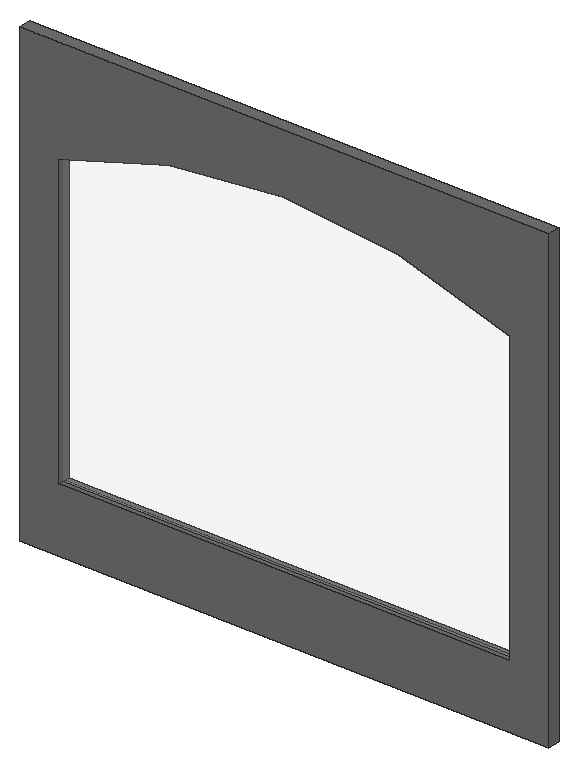
Revit family
Parameters
  offset [instance] = 0' - 0"
  Warranty Duration (Years) = 0
  Unit Width = 3' - 5"
  Unit Height = 2' - 11 3/4"
  Unit Depth = 0' - 1"
  URL = "http://www.travisindustries.com/"
  Specification = "http://www.arcat.com/sdspecs/htm/10305tra.htm"
  SpecWizard = "http://www.arcat.com/specwizard/10305tra/index.htm?mf=&coid=32505"
  Send Message = "http://www.arcat.com/users.pl?action=UserEmail&company=Travis%20Industries&coid=32505&rep=133&fax=425-609-2781&mf="
  Sales Information = "http://www.travisbuilder.com/Dealer_Locator.aspx"
  Revision = "R1_01-2011"
  Product Properties = "http://www.arcat.com/bim/bim_info.pl?fn=Travis"
  Product Data = "http://www.arcat.com/arcatcos/cos32/arc32505.html"
  Model = "As Specified in 10 31 00"
  Material [instance] = Metal - Steel - Travis - Painted - Charcoal
  Manufacturer Website = "http://www.travisindustries.com/"
  Manufacturer Phone - Toll Free = "800-654-1177 "
  Manufacturer Phone = "425-609-2500 "
  Manufacturer Fax = "425-609-2781"
  Manufacturer Address = "4800 Harbour Pointe Blvd. S. W., Mukilteo, WA 98275"
  Manufacturer = "Travis Industries"
  Maintenance Schedule (Months) = 0
  Keynote = "10 31 00"
  Installation-Fabrication = "http://www.travisindustries.com/"
  Installation Phase = ""
  Green Building-LEED = "http://www.arcat.com/green/clients/leed_data_32505.html"
  Glass Type [instance] = Glass - Clear - Travis
  Expected Lifespan (Years) = 0
  Drawn By = "Sumex Design, Inc. / Robert S. Weygant, CSI, CDT, SCIP"
  Description = "Fireplace as Specified in 10 31 00"
  Copyright = "©Arcat Inc."
  Construction Details = "http://www.arcat.com/details/travisin/travisin.html?coid=32505"
  BTU Input = 0
  Assembly Code = "D3020"
Reference planes (in)
  plane 1 "Center (Front/Back)": y = 0.98108
  plane 2 "Bottom": z = 0
  plane 3 "Center (Left/Right)": x = 12
  plane 4 "Front": y = -0.01892
  plane 5 "Left": x = -8.5
  plane 6 "Right": x = 32.5
  plane 7 "Top": z = 35.75
  plane 8: z = 31.75
Forms (in)
  Extrusion 1, solid, material "Metal - Steel - Travis - Painted - Charcoal" <- "Material"
    sketch origin (0, 0.98108, 0) x (1, 0, 0) y (0, 0, 1)
      loop
        line (-8.5, 35.75) -> (-8.5, 0) -> (32.5, 0) -> (32.5, 35.75) -> (-8.5, 35.75)
      loop
        line (-5.5, 27.61932) -> (-5.5, 5) -> (29.5, 5) -> (29.5, 27.61932)
        arc (29.5, 27.61932) -> (12, 31.11016) -> (-5.5, 27.61932) r 45.61016
    from 0 to 1
  Extrusion 2, solid, material "Glass - Clear - Travis" <- "Glass Type"
    sketch origin (0, -0.01892, 0) x (-1, 0, 0) y (0, 0, 1)
      loop
        arc (5.5, 27.61932) -> (-12, 31.11016) -> (-29.5, 27.61932) r 45.61016
        line (-29.5, 27.61932) -> (-29.5, 5) -> (5.5, 5) -> (5.5, 27.61932)
    from 0.375 to 0.625
Lines and regions (in)
  model lines, style "Fireplaces"
    curve 1: line (-6, -0.01892, 0.5) -> (-6, -0.01892, 35.25)
    curve 2: line (-6, -0.01892, 31.75) -> (30, -0.01892, 31.75)
    curve 3: line (30, -0.01892, 35.25) -> (30, -0.01892, 0.5)
    curve 4: line (-6, -0.01892, 4.5) -> (30, -0.01892, 4.5)
    curve 5: line (32.5, -0.01892, 0.5) -> (-8.5, -0.01892, 0.5)
    curve 6: line (-8.5, -0.01892, 35.25) -> (32.5, -0.01892, 35.25)
  model lines, style "Fireplaces", detail levels medium+fine
    curve 7: line (9.80764, -0.01892, 3.42628) -> (10.55613, -0.01892, 1.57372)
    curve 8: line (10.55613, -0.01892, 3.42628) -> (9.80764, -0.01892, 1.57372)
    curve 9: arc (9.34405, -0.01892, 3.42628) -> (9.57584, -0.01892, 3.58263) -> (9.80764, -0.01892, 3.42628) r 0.25
    curve 10: arc (9.34405, -0.01892, 1.57372) -> (9.57584, -0.01892, 1.41737) -> (9.80764, -0.01892, 1.57372) r 0.25
    curve 11: line (11.01972, -0.01892, 3.42628) -> (11.7682, -0.01892, 1.57372)
    curve 12: line (11.7682, -0.01892, 3.42628) -> (11.01972, -0.01892, 1.57372)
    curve 13: arc (11.7682, -0.01892, 3.42628) -> (12, -0.01892, 3.58263) -> (12.2318, -0.01892, 3.42628) r 0.25
    curve 14: arc (11.7682, -0.01892, 1.57372) -> (12, -0.01892, 1.41737) -> (12.2318, -0.01892, 1.57372) r 0.25
    curve 15: arc (10.55613, -0.01892, 3.42628) -> (10.78792, -0.01892, 3.58263) -> (11.01972, -0.01892, 3.42628) r 0.25
    curve 16: arc (10.55613, -0.01892, 1.57372) -> (10.78792, -0.01892, 1.41737) -> (11.01972, -0.01892, 1.57372) r 0.25
    curve 17: line (7.38348, -0.01892, 3.42628) -> (8.13197, -0.01892, 1.57372)
    curve 18: line (8.13197, -0.01892, 3.42628) -> (7.38348, -0.01892, 1.57372)
    curve 19: arc (6.91989, -0.01892, 3.42628) -> (7.15169, -0.01892, 3.58263) -> (7.38348, -0.01892, 3.42628) r 0.25
    curve 20: arc (6.91989, -0.01892, 1.57372) -> (7.15169, -0.01892, 1.41737) -> (7.38348, -0.01892, 1.57372) r 0.25
    curve 21: line (8.59556, -0.01892, 3.42628) -> (9.34405, -0.01892, 1.57372)
    curve 22: line (9.34405, -0.01892, 3.42628) -> (8.59556, -0.01892, 1.57372)
    curve 23: arc (8.13197, -0.01892, 3.42628) -> (8.36376, -0.01892, 3.58263) -> (8.59556, -0.01892, 3.42628) r 0.25
    curve 24: arc (8.13197, -0.01892, 1.57372) -> (8.36376, -0.01892, 1.41737) -> (8.59556, -0.01892, 1.57372) r 0.25
    curve 25: line (4.95932, -0.01892, 3.42628) -> (5.70781, -0.01892, 1.57372)
    curve 26: line (5.70781, -0.01892, 3.42628) -> (4.95932, -0.01892, 1.57372)
    curve 27: arc (4.49573, -0.01892, 3.42628) -> (4.72753, -0.01892, 3.58263) -> (4.95932, -0.01892, 3.42628) r 0.25
    curve 28: arc (4.49573, -0.01892, 1.57372) -> (4.72753, -0.01892, 1.41737) -> (4.95932, -0.01892, 1.57372) r 0.25
    curve 29: line (6.1714, -0.01892, 3.42628) -> (6.91989, -0.01892, 1.57372)
    curve 30: line (6.91989, -0.01892, 3.42628) -> (6.1714, -0.01892, 1.57372)
    curve 31: arc (5.70781, -0.01892, 3.42628) -> (5.93961, -0.01892, 3.58263) -> (6.1714, -0.01892, 3.42628) r 0.25
    curve 32: arc (5.70781, -0.01892, 1.57372) -> (5.93961, -0.01892, 1.41737) -> (6.1714, -0.01892, 1.57372) r 0.25
    curve 33: line (2.53517, -0.01892, 3.42628) -> (3.28365, -0.01892, 1.57372)
    curve 34: line (3.28365, -0.01892, 3.42628) -> (2.53517, -0.01892, 1.57372)
    curve 35: arc (2.07157, -0.01892, 3.42628) -> (2.30337, -0.01892, 3.58263) -> (2.53517, -0.01892, 3.42628) r 0.25
    curve 36: arc (2.07157, -0.01892, 1.57372) -> (2.30337, -0.01892, 1.41737) -> (2.53517, -0.01892, 1.57372) r 0.25
    curve 37: line (3.74725, -0.01892, 3.42628) -> (4.49573, -0.01892, 1.57372)
    curve 38: line (4.49573, -0.01892, 3.42628) -> (3.74725, -0.01892, 1.57372)
    curve 39: arc (3.28365, -0.01892, 3.42628) -> (3.51545, -0.01892, 3.58263) -> (3.74725, -0.01892, 3.42628) r 0.25
    curve 40: arc (3.28365, -0.01892, 1.57372) -> (3.51545, -0.01892, 1.41737) -> (3.74725, -0.01892, 1.57372) r 0.25
    curve 41: line (0.11101, -0.01892, 3.42628) -> (0.8595, -0.01892, 1.57372)
    curve 42: line (0.8595, -0.01892, 3.42628) -> (0.11101, -0.01892, 1.57372)
    curve 43: arc (-0.35258, -0.01892, 3.42628) -> (-0.12079, -0.01892, 3.58263) -> (0.11101, -0.01892, 3.42628) r 0.25
    curve 44: arc (-0.35258, -0.01892, 1.57372) -> (-0.12079, -0.01892, 1.41737) -> (0.11101, -0.01892, 1.57372) r 0.25
    curve 45: line (1.32309, -0.01892, 3.42628) -> (2.07157, -0.01892, 1.57372)
    curve 46: line (2.07157, -0.01892, 3.42628) -> (1.32309, -0.01892, 1.57372)
    curve 47: arc (0.8595, -0.01892, 3.42628) -> (1.09129, -0.01892, 3.58263) -> (1.32309, -0.01892, 3.42628) r 0.25
    curve 48: arc (0.8595, -0.01892, 1.57372) -> (1.09129, -0.01892, 1.41737) -> (1.32309, -0.01892, 1.57372) r 0.25
    curve 49: line (-2.31315, -0.01892, 3.42628) -> (-1.56466, -0.01892, 1.57372)
    curve 50: line (-1.56466, -0.01892, 3.42628) -> (-2.31315, -0.01892, 1.57372)
    curve 51: line (-1.10107, -0.01892, 3.42628) -> (-0.35258, -0.01892, 1.57372)
    curve 52: line (-0.35258, -0.01892, 3.42628) -> (-1.10107, -0.01892, 1.57372)
    curve 53: arc (-1.56466, -0.01892, 3.42628) -> (-1.33287, -0.01892, 3.58263) -> (-1.10107, -0.01892, 3.42628) r 0.25
    curve 54: arc (-1.56466, -0.01892, 1.57372) -> (-1.33287, -0.01892, 1.41737) -> (-1.10107, -0.01892, 1.57372) r 0.25
    curve 55: line (14.19236, -0.01892, 3.42628) -> (13.44387, -0.01892, 1.57372)
    curve 56: line (13.44387, -0.01892, 3.42628) -> (14.19236, -0.01892, 1.57372)
    curve 57: arc (14.65595, -0.01892, 3.42628) -> (14.42416, -0.01892, 3.58263) -> (14.19236, -0.01892, 3.42628) r 0.25
    curve 58: arc (14.65595, -0.01892, 1.57372) -> (14.42416, -0.01892, 1.41737) -> (14.19236, -0.01892, 1.57372) r 0.25
    curve 59: line (12.98028, -0.01892, 3.42628) -> (12.2318, -0.01892, 1.57372)
    curve 60: line (12.2318, -0.01892, 3.42628) -> (12.98028, -0.01892, 1.57372)
    curve 61: arc (13.44387, -0.01892, 3.42628) -> (13.21208, -0.01892, 3.58263) -> (12.98028, -0.01892, 3.42628) r 0.25
    curve 62: arc (13.44387, -0.01892, 1.57372) -> (13.21208, -0.01892, 1.41737) -> (12.98028, -0.01892, 1.57372) r 0.25
    curve 63: line (16.61652, -0.01892, 3.42628) -> (15.86803, -0.01892, 1.57372)
    curve 64: line (15.86803, -0.01892, 3.42628) -> (16.61652, -0.01892, 1.57372)
    curve 65: arc (17.08011, -0.01892, 3.42628) -> (16.84831, -0.01892, 3.58263) -> (16.61652, -0.01892, 3.42628) r 0.25
    curve 66: arc (17.08011, -0.01892, 1.57372) -> (16.84831, -0.01892, 1.41737) -> (16.61652, -0.01892, 1.57372) r 0.25
    curve 67: line (15.40444, -0.01892, 3.42628) -> (14.65595, -0.01892, 1.57372)
    curve 68: line (14.65595, -0.01892, 3.42628) -> (15.40444, -0.01892, 1.57372)
    curve 69: arc (15.86803, -0.01892, 3.42628) -> (15.63624, -0.01892, 3.58263) -> (15.40444, -0.01892, 3.42628) r 0.25
    curve 70: arc (15.86803, -0.01892, 1.57372) -> (15.63624, -0.01892, 1.41737) -> (15.40444, -0.01892, 1.57372) r 0.25
    curve 71: line (19.04068, -0.01892, 3.42628) -> (18.29219, -0.01892, 1.57372)
    curve 72: line (18.29219, -0.01892, 3.42628) -> (19.04068, -0.01892, 1.57372)
    curve 73: arc (19.50427, -0.01892, 3.42628) -> (19.27247, -0.01892, 3.58263) -> (19.04068, -0.01892, 3.42628) r 0.25
    curve 74: arc (19.50427, -0.01892, 1.57372) -> (19.27247, -0.01892, 1.41737) -> (19.04068, -0.01892, 1.57372) r 0.25
    curve 75: line (17.8286, -0.01892, 3.42628) -> (17.08011, -0.01892, 1.57372)
    curve 76: line (17.08011, -0.01892, 3.42628) -> (17.8286, -0.01892, 1.57372)
    curve 77: arc (18.29219, -0.01892, 3.42628) -> (18.06039, -0.01892, 3.58263) -> (17.8286, -0.01892, 3.42628) r 0.25
    curve 78: arc (18.29219, -0.01892, 1.57372) -> (18.06039, -0.01892, 1.41737) -> (17.8286, -0.01892, 1.57372) r 0.25
    curve 79: line (21.46483, -0.01892, 3.42628) -> (20.71635, -0.01892, 1.57372)
    curve 80: line (20.71635, -0.01892, 3.42628) -> (21.46483, -0.01892, 1.57372)
    curve 81: arc (21.92843, -0.01892, 3.42628) -> (21.69663, -0.01892, 3.58263) -> (21.46483, -0.01892, 3.42628) r 0.25
    curve 82: arc (21.92843, -0.01892, 1.57372) -> (21.69663, -0.01892, 1.41737) -> (21.46483, -0.01892, 1.57372) r 0.25
    curve 83: line (20.25275, -0.01892, 3.42628) -> (19.50427, -0.01892, 1.57372)
    curve 84: line (19.50427, -0.01892, 3.42628) -> (20.25275, -0.01892, 1.57372)
    curve 85: arc (20.71635, -0.01892, 3.42628) -> (20.48455, -0.01892, 3.58263) -> (20.25275, -0.01892, 3.42628) r 0.25
    curve 86: arc (20.71635, -0.01892, 1.57372) -> (20.48455, -0.01892, 1.41737) -> (20.25275, -0.01892, 1.57372) r 0.25
    curve 87: line (23.88899, -0.01892, 3.42628) -> (23.1405, -0.01892, 1.57372)
    curve 88: line (23.1405, -0.01892, 3.42628) -> (23.88899, -0.01892, 1.57372)
    curve 89: arc (24.35258, -0.01892, 3.42628) -> (24.12079, -0.01892, 3.58263) -> (23.88899, -0.01892, 3.42628) r 0.25
    curve 90: arc (24.35258, -0.01892, 1.57372) -> (24.12079, -0.01892, 1.41737) -> (23.88899, -0.01892, 1.57372) r 0.25
    curve 91: line (22.67691, -0.01892, 3.42628) -> (21.92843, -0.01892, 1.57372)
    curve 92: line (21.92843, -0.01892, 3.42628) -> (22.67691, -0.01892, 1.57372)
    curve 93: arc (23.1405, -0.01892, 3.42628) -> (22.90871, -0.01892, 3.58263) -> (22.67691, -0.01892, 3.42628) r 0.25
    curve 94: arc (23.1405, -0.01892, 1.57372) -> (22.90871, -0.01892, 1.41737) -> (22.67691, -0.01892, 1.57372) r 0.25
    curve 95: line (26.31315, -0.01892, 3.42628) -> (25.56466, -0.01892, 1.57372)
    curve 96: line (25.56466, -0.01892, 3.42628) -> (26.31315, -0.01892, 1.57372)
    curve 97: line (25.10107, -0.01892, 3.42628) -> (24.35258, -0.01892, 1.57372)
    curve 98: line (24.35258, -0.01892, 3.42628) -> (25.10107, -0.01892, 1.57372)
    curve 99: arc (25.56466, -0.01892, 3.42628) -> (25.33287, -0.01892, 3.58263) -> (25.10107, -0.01892, 3.42628) r 0.25
    curve 100: arc (25.56466, -0.01892, 1.57372) -> (25.33287, -0.01892, 1.41737) -> (25.10107, -0.01892, 1.57372) r 0.25
    curve 101: line (9.80764, -0.01892, 34.42628) -> (10.55613, -0.01892, 32.57372)
    curve 102: line (10.55613, -0.01892, 34.42628) -> (9.80764, -0.01892, 32.57372)
    curve 103: arc (9.34405, -0.01892, 34.42628) -> (9.57584, -0.01892, 34.58263) -> (9.80764, -0.01892, 34.42628) r 0.25
    curve 104: arc (9.34405, -0.01892, 32.57372) -> (9.57584, -0.01892, 32.41737) -> (9.80764, -0.01892, 32.57372) r 0.25
    curve 105: line (11.01972, -0.01892, 34.42628) -> (11.7682, -0.01892, 32.57372)
    curve 106: line (11.7682, -0.01892, 34.42628) -> (11.01972, -0.01892, 32.57372)
    curve 107: arc (11.7682, -0.01892, 34.42628) -> (12, -0.01892, 34.58263) -> (12.2318, -0.01892, 34.42628) r 0.25
    curve 108: arc (11.7682, -0.01892, 32.57372) -> (12, -0.01892, 32.41737) -> (12.2318, -0.01892, 32.57372) r 0.25
    curve 109: arc (10.55613, -0.01892, 34.42628) -> (10.78792, -0.01892, 34.58263) -> (11.01972, -0.01892, 34.42628) r 0.25
    curve 110: arc (10.55613, -0.01892, 32.57372) -> (10.78792, -0.01892, 32.41737) -> (11.01972, -0.01892, 32.57372) r 0.25
    curve 111: line (7.38348, -0.01892, 34.42628) -> (8.13197, -0.01892, 32.57372)
    curve 112: line (8.13197, -0.01892, 34.42628) -> (7.38348, -0.01892, 32.57372)
    curve 113: arc (6.91989, -0.01892, 34.42628) -> (7.15169, -0.01892, 34.58263) -> (7.38348, -0.01892, 34.42628) r 0.25
    curve 114: arc (6.91989, -0.01892, 32.57372) -> (7.15169, -0.01892, 32.41737) -> (7.38348, -0.01892, 32.57372) r 0.25
    curve 115: line (8.59556, -0.01892, 34.42628) -> (9.34405, -0.01892, 32.57372)
    curve 116: line (9.34405, -0.01892, 34.42628) -> (8.59556, -0.01892, 32.57372)
    curve 117: arc (8.13197, -0.01892, 34.42628) -> (8.36376, -0.01892, 34.58263) -> (8.59556, -0.01892, 34.42628) r 0.25
    curve 118: arc (8.13197, -0.01892, 32.57372) -> (8.36376, -0.01892, 32.41737) -> (8.59556, -0.01892, 32.57372) r 0.25
    curve 119: line (4.95932, -0.01892, 34.42628) -> (5.70781, -0.01892, 32.57372)
    curve 120: line (5.70781, -0.01892, 34.42628) -> (4.95932, -0.01892, 32.57372)
    curve 121: arc (4.49573, -0.01892, 34.42628) -> (4.72753, -0.01892, 34.58263) -> (4.95932, -0.01892, 34.42628) r 0.25
    curve 122: arc (4.49573, -0.01892, 32.57372) -> (4.72753, -0.01892, 32.41737) -> (4.95932, -0.01892, 32.57372) r 0.25
    curve 123: line (6.1714, -0.01892, 34.42628) -> (6.91989, -0.01892, 32.57372)
    curve 124: line (6.91989, -0.01892, 34.42628) -> (6.1714, -0.01892, 32.57372)
    curve 125: arc (5.70781, -0.01892, 34.42628) -> (5.93961, -0.01892, 34.58263) -> (6.1714, -0.01892, 34.42628) r 0.25
    curve 126: arc (5.70781, -0.01892, 32.57372) -> (5.93961, -0.01892, 32.41737) -> (6.1714, -0.01892, 32.57372) r 0.25
    curve 127: line (2.53517, -0.01892, 34.42628) -> (3.28365, -0.01892, 32.57372)
    curve 128: line (3.28365, -0.01892, 34.42628) -> (2.53517, -0.01892, 32.57372)
    curve 129: arc (2.07157, -0.01892, 34.42628) -> (2.30337, -0.01892, 34.58263) -> (2.53517, -0.01892, 34.42628) r 0.25
    curve 130: arc (2.07157, -0.01892, 32.57372) -> (2.30337, -0.01892, 32.41737) -> (2.53517, -0.01892, 32.57372) r 0.25
    curve 131: line (3.74725, -0.01892, 34.42628) -> (4.49573, -0.01892, 32.57372)
    curve 132: line (4.49573, -0.01892, 34.42628) -> (3.74725, -0.01892, 32.57372)
    curve 133: arc (3.28365, -0.01892, 34.42628) -> (3.51545, -0.01892, 34.58263) -> (3.74725, -0.01892, 34.42628) r 0.25
    curve 134: arc (3.28365, -0.01892, 32.57372) -> (3.51545, -0.01892, 32.41737) -> (3.74725, -0.01892, 32.57372) r 0.25
    curve 135: line (0.11101, -0.01892, 34.42628) -> (0.8595, -0.01892, 32.57372)
    curve 136: line (0.8595, -0.01892, 34.42628) -> (0.11101, -0.01892, 32.57372)
    curve 137: arc (-0.35258, -0.01892, 34.42628) -> (-0.12079, -0.01892, 34.58263) -> (0.11101, -0.01892, 34.42628) r 0.25
    curve 138: arc (-0.35258, -0.01892, 32.57372) -> (-0.12079, -0.01892, 32.41737) -> (0.11101, -0.01892, 32.57372) r 0.25
    curve 139: line (1.32309, -0.01892, 34.42628) -> (2.07157, -0.01892, 32.57372)
    curve 140: line (2.07157, -0.01892, 34.42628) -> (1.32309, -0.01892, 32.57372)
    curve 141: arc (0.8595, -0.01892, 34.42628) -> (1.09129, -0.01892, 34.58263) -> (1.32309, -0.01892, 34.42628) r 0.25
    curve 142: arc (0.8595, -0.01892, 32.57372) -> (1.09129, -0.01892, 32.41737) -> (1.32309, -0.01892, 32.57372) r 0.25
    curve 143: line (-2.31315, -0.01892, 34.42628) -> (-1.56466, -0.01892, 32.57372)
    curve 144: line (-1.56466, -0.01892, 34.42628) -> (-2.31315, -0.01892, 32.57372)
    curve 145: line (-1.10107, -0.01892, 34.42628) -> (-0.35258, -0.01892, 32.57372)
    curve 146: line (-0.35258, -0.01892, 34.42628) -> (-1.10107, -0.01892, 32.57372)
    curve 147: arc (-1.56466, -0.01892, 34.42628) -> (-1.33287, -0.01892, 34.58263) -> (-1.10107, -0.01892, 34.42628) r 0.25
    curve 148: arc (-1.56466, -0.01892, 32.57372) -> (-1.33287, -0.01892, 32.41737) -> (-1.10107, -0.01892, 32.57372) r 0.25
    curve 149: line (14.19236, -0.01892, 34.42628) -> (13.44387, -0.01892, 32.57372)
    curve 150: line (13.44387, -0.01892, 34.42628) -> (14.19236, -0.01892, 32.57372)
    curve 151: arc (14.65595, -0.01892, 34.42628) -> (14.42416, -0.01892, 34.58263) -> (14.19236, -0.01892, 34.42628) r 0.25
    curve 152: arc (14.65595, -0.01892, 32.57372) -> (14.42416, -0.01892, 32.41737) -> (14.19236, -0.01892, 32.57372) r 0.25
    curve 153: line (12.98028, -0.01892, 34.42628) -> (12.2318, -0.01892, 32.57372)
    curve 154: line (12.2318, -0.01892, 34.42628) -> (12.98028, -0.01892, 32.57372)
    curve 155: arc (13.44387, -0.01892, 34.42628) -> (13.21208, -0.01892, 34.58263) -> (12.98028, -0.01892, 34.42628) r 0.25
    curve 156: arc (13.44387, -0.01892, 32.57372) -> (13.21208, -0.01892, 32.41737) -> (12.98028, -0.01892, 32.57372) r 0.25
    curve 157: line (16.61652, -0.01892, 34.42628) -> (15.86803, -0.01892, 32.57372)
    curve 158: line (15.86803, -0.01892, 34.42628) -> (16.61652, -0.01892, 32.57372)
    curve 159: arc (17.08011, -0.01892, 34.42628) -> (16.84831, -0.01892, 34.58263) -> (16.61652, -0.01892, 34.42628) r 0.25
    curve 160: arc (17.08011, -0.01892, 32.57372) -> (16.84831, -0.01892, 32.41737) -> (16.61652, -0.01892, 32.57372) r 0.25
    curve 161: line (15.40444, -0.01892, 34.42628) -> (14.65595, -0.01892, 32.57372)
    curve 162: line (14.65595, -0.01892, 34.42628) -> (15.40444, -0.01892, 32.57372)
    curve 163: arc (15.86803, -0.01892, 34.42628) -> (15.63624, -0.01892, 34.58263) -> (15.40444, -0.01892, 34.42628) r 0.25
    curve 164: arc (15.86803, -0.01892, 32.57372) -> (15.63624, -0.01892, 32.41737) -> (15.40444, -0.01892, 32.57372) r 0.25
    curve 165: line (19.04068, -0.01892, 34.42628) -> (18.29219, -0.01892, 32.57372)
    curve 166: line (18.29219, -0.01892, 34.42628) -> (19.04068, -0.01892, 32.57372)
    curve 167: arc (19.50427, -0.01892, 34.42628) -> (19.27247, -0.01892, 34.58263) -> (19.04068, -0.01892, 34.42628) r 0.25
    curve 168: arc (19.50427, -0.01892, 32.57372) -> (19.27247, -0.01892, 32.41737) -> (19.04068, -0.01892, 32.57372) r 0.25
    curve 169: line (17.8286, -0.01892, 34.42628) -> (17.08011, -0.01892, 32.57372)
    curve 170: line (17.08011, -0.01892, 34.42628) -> (17.8286, -0.01892, 32.57372)
    curve 171: arc (18.29219, -0.01892, 34.42628) -> (18.06039, -0.01892, 34.58263) -> (17.8286, -0.01892, 34.42628) r 0.25
    curve 172: arc (18.29219, -0.01892, 32.57372) -> (18.06039, -0.01892, 32.41737) -> (17.8286, -0.01892, 32.57372) r 0.25
    curve 173: line (21.46483, -0.01892, 34.42628) -> (20.71635, -0.01892, 32.57372)
    curve 174: line (20.71635, -0.01892, 34.42628) -> (21.46483, -0.01892, 32.57372)
    curve 175: arc (21.92843, -0.01892, 34.42628) -> (21.69663, -0.01892, 34.58263) -> (21.46483, -0.01892, 34.42628) r 0.25
    curve 176: arc (21.92843, -0.01892, 32.57372) -> (21.69663, -0.01892, 32.41737) -> (21.46483, -0.01892, 32.57372) r 0.25
    curve 177: line (20.25275, -0.01892, 34.42628) -> (19.50427, -0.01892, 32.57372)
    curve 178: line (19.50427, -0.01892, 34.42628) -> (20.25275, -0.01892, 32.57372)
    curve 179: arc (20.71635, -0.01892, 34.42628) -> (20.48455, -0.01892, 34.58263) -> (20.25275, -0.01892, 34.42628) r 0.25
    curve 180: arc (20.71635, -0.01892, 32.57372) -> (20.48455, -0.01892, 32.41737) -> (20.25275, -0.01892, 32.57372) r 0.25
    curve 181: line (23.88899, -0.01892, 34.42628) -> (23.1405, -0.01892, 32.57372)
    curve 182: line (23.1405, -0.01892, 34.42628) -> (23.88899, -0.01892, 32.57372)
    curve 183: arc (24.35258, -0.01892, 34.42628) -> (24.12079, -0.01892, 34.58263) -> (23.88899, -0.01892, 34.42628) r 0.25
    curve 184: arc (24.35258, -0.01892, 32.57372) -> (24.12079, -0.01892, 32.41737) -> (23.88899, -0.01892, 32.57372) r 0.25
    curve 185: line (22.67691, -0.01892, 34.42628) -> (21.92843, -0.01892, 32.57372)
    curve 186: line (21.92843, -0.01892, 34.42628) -> (22.67691, -0.01892, 32.57372)
    curve 187: arc (23.1405, -0.01892, 34.42628) -> (22.90871, -0.01892, 34.58263) -> (22.67691, -0.01892, 34.42628) r 0.25
    curve 188: arc (23.1405, -0.01892, 32.57372) -> (22.90871, -0.01892, 32.41737) -> (22.67691, -0.01892, 32.57372) r 0.25
    curve 189: line (26.31315, -0.01892, 34.42628) -> (25.56466, -0.01892, 32.57372)
    curve 190: line (25.56466, -0.01892, 34.42628) -> (26.31315, -0.01892, 32.57372)
    curve 191: line (25.10107, -0.01892, 34.42628) -> (24.35258, -0.01892, 32.57372)
    curve 192: line (24.35258, -0.01892, 34.42628) -> (25.10107, -0.01892, 32.57372)
    curve 193: arc (25.56466, -0.01892, 34.42628) -> (25.33287, -0.01892, 34.58263) -> (25.10107, -0.01892, 34.42628) r 0.25
    curve 194: arc (25.56466, -0.01892, 32.57372) -> (25.33287, -0.01892, 32.41737) -> (25.10107, -0.01892, 32.57372) r 0.25
    curve 195: arc (26.77674, -0.01892, 3.42628) -> (26.54494, -0.01892, 3.58263) -> (26.31315, -0.01892, 3.42628) r 0.25
    curve 196: arc (26.77674, -0.01892, 1.57372) -> (26.54494, -0.01892, 1.41737) -> (26.31315, -0.01892, 1.57372) r 0.25
    curve 197: line (28.73731, -0.01892, 3.42628) -> (27.98882, -0.01892, 1.57372)
    curve 198: line (27.98882, -0.01892, 3.42628) -> (28.73731, -0.01892, 1.57372)
    curve 199: line (27.52523, -0.01892, 3.42628) -> (26.77674, -0.01892, 1.57372)
    curve 200: line (26.77674, -0.01892, 3.42628) -> (27.52523, -0.01892, 1.57372)
    curve 201: arc (27.98882, -0.01892, 3.42628) -> (27.75702, -0.01892, 3.58263) -> (27.52523, -0.01892, 3.42628) r 0.25
    curve 202: arc (27.98882, -0.01892, 1.57372) -> (27.75702, -0.01892, 1.41737) -> (27.52523, -0.01892, 1.57372) r 0.25
    curve 203: arc (-2.77674, -0.01892, 3.42628) -> (-2.54494, -0.01892, 3.58263) -> (-2.31315, -0.01892, 3.42628) r 0.25
    curve 204: arc (-2.77674, -0.01892, 1.57372) -> (-2.54494, -0.01892, 1.41737) -> (-2.31315, -0.01892, 1.57372) r 0.25
    curve 205: line (-4.73731, -0.01892, 3.42628) -> (-3.98882, -0.01892, 1.57372)
    curve 206: line (-3.98882, -0.01892, 3.42628) -> (-4.73731, -0.01892, 1.57372)
    curve 207: line (-3.52523, -0.01892, 3.42628) -> (-2.77674, -0.01892, 1.57372)
    curve 208: line (-2.77674, -0.01892, 3.42628) -> (-3.52523, -0.01892, 1.57372)
    curve 209: arc (-3.98882, -0.01892, 3.42628) -> (-3.75702, -0.01892, 3.58263) -> (-3.52523, -0.01892, 3.42628) r 0.25
    curve 210: arc (-3.98882, -0.01892, 1.57372) -> (-3.75702, -0.01892, 1.41737) -> (-3.52523, -0.01892, 1.57372) r 0.25
    curve 211: arc (-2.77674, -0.01892, 34.42628) -> (-2.54494, -0.01892, 34.58263) -> (-2.31315, -0.01892, 34.42628) r 0.25
    curve 212: arc (-2.77674, -0.01892, 32.57372) -> (-2.54494, -0.01892, 32.41737) -> (-2.31315, -0.01892, 32.57372) r 0.25
    curve 213: line (-4.73731, -0.01892, 34.42628) -> (-3.98882, -0.01892, 32.57372)
    curve 214: line (-3.98882, -0.01892, 34.42628) -> (-4.73731, -0.01892, 32.57372)
    curve 215: line (-3.52523, -0.01892, 34.42628) -> (-2.77674, -0.01892, 32.57372)
    curve 216: line (-2.77674, -0.01892, 34.42628) -> (-3.52523, -0.01892, 32.57372)
    curve 217: arc (-3.98882, -0.01892, 34.42628) -> (-3.75702, -0.01892, 34.58263) -> (-3.52523, -0.01892, 34.42628) r 0.25
    curve 218: arc (-3.98882, -0.01892, 32.57372) -> (-3.75702, -0.01892, 32.41737) -> (-3.52523, -0.01892, 32.57372) r 0.25
    curve 219: arc (26.77674, -0.01892, 34.42628) -> (26.54494, -0.01892, 34.58263) -> (26.31315, -0.01892, 34.42628) r 0.25
    curve 220: arc (26.77674, -0.01892, 32.57372) -> (26.54494, -0.01892, 32.41737) -> (26.31315, -0.01892, 32.57372) r 0.25
    curve 221: line (28.73731, -0.01892, 34.42628) -> (27.98882, -0.01892, 32.57372)
    curve 222: line (27.98882, -0.01892, 34.42628) -> (28.73731, -0.01892, 32.57372)
    curve 223: line (27.52523, -0.01892, 34.42628) -> (26.77674, -0.01892, 32.57372)
    curve 224: line (26.77674, -0.01892, 34.42628) -> (27.52523, -0.01892, 32.57372)
    curve 225: arc (27.98882, -0.01892, 34.42628) -> (27.75702, -0.01892, 34.58263) -> (27.52523, -0.01892, 34.42628) r 0.25
    curve 226: arc (27.98882, -0.01892, 32.57372) -> (27.75702, -0.01892, 32.41737) -> (27.52523, -0.01892, 32.57372) r 0.25
Dimensions and locks (in)
  equal spacing: plane 5 "Left", plane 3 "Center (Left/Right)", plane 6 "Right"
  "Unit Width": plane 5 "Left" to plane 6 "Right"
  "Unit Depth": plane 1 "Center (Front/Back)" to plane 4 "Front"
  "Unit Height": plane 7 "Top" to level
  plane 7 "Top" to plane 8 = 0' - 4"
  aligned and locked: Extrusion 1 to plane 4 "Front"
Automatic sketch dimensions
  plane 5 "Left" to Extrusion 2 sketch curve = 0' - 3"
  Extrusion 2 sketch curve to plane 8 = 0' - 4.13068"
  Extrusion 2 sketch curve to plane 3 "Center (Left/Right)" = 0' - 0"
  Extrusion 2 sketch curve to level = 1' - 2 1/2"
  Extrusion 2 sketch curve to plane 6 "Right" = 0' - 3"
  level to Extrusion 2 sketch curve = 0' - 5"
  Extrusion 1 sketch curve to level = 0' - 0"
  Extrusion 1 sketch curve to plane 5 "Left" = 0' - 0"
  Extrusion 1 sketch curve to plane 3 "Center (Left/Right)" = 0' - 0"
  Extrusion 1 sketch curve to plane 6 "Right" = 0' - 0"
  Extrusion 1 sketch curve to plane 7 "Top" = 0' - 0"
  plane 5 "Left" to Extrusion 1 sketch curve = 0' - 3"
  Extrusion 1 sketch curve to plane 6 "Right" = 0' - 3"
  Extrusion 1 sketch curve to level = 1' - 2 1/2"
  level to Extrusion 1 sketch curve = 0' - 5"
  Extrusion 1 sketch curve to plane 8 = 0' - 4.13068"
  curve 5 to plane 6 "Right" = 0' - 0"
  curve 6 to plane 6 "Right" = 0' - 0"
  curve 2 to plane 8 = 0' - 0"
  curve 108 to plane 3 "Center (Left/Right)" = 0' - 0"
  curve 107 to plane 3 "Center (Left/Right)" = 0' - 0"
  curve 13 to plane 3 "Center (Left/Right)" = 0' - 0"
  curve 14 to plane 3 "Center (Left/Right)" = 0' - 0"
  curve 5 to plane 5 "Left" = 0' - 0"
  curve 6 to plane 5 "Left" = 0' - 0"
  curve 4 to plane 6 "Right" = 0' - 2 1/2"
  curve 221 to plane 7 "Top" = 0' - 1.32372"
  curve 3 to curve 221 = 0' - 1.26269"
  curve 4 to curve 197 = 0' - 1.26269"
  plane 8 to curve 222 = 0' - 0.82372"
  curve 2 to curve 222 = 0' - 1.26269"
  level to curve 198 = 0' - 1.57372"
  curve 3 to curve 198 = 0' - 1.26269"
  curve 198 to curve 202 = 0' - 0.74849"
  curve 221 to curve 225 = 0' - 0.74849"
  curve 197 to curve 198 = 0' - 0.74849"
  curve 222 to curve 226 = 0' - 0.74849"
  curve 225 to curve 225 = 0' - 0.2318"  (x2)
  curve 202 to curve 202 = 0' - 0.2318"  (x2)
  curve 198 to curve 201 = 0' - 0.2318"
  curve 221 to curve 226 = 0' - 0.2318"
  plane 8 to curve 224 = 0' - 0.82372"
  curve 226 to curve 224 = 0' - 0.2318"
  curve 201 to curve 201 = 0' - 0.2318"
  curve 199 to curve 200 = 0' - 0.74849"
  level to curve 199 = 0' - 1.57372"
  curve 202 to curve 199 = 0' - 0.74849"
  curve 224 to plane 7 "Top" = 0' - 1.32372"
  curve 225 to curve 224 = 0' - 0.74849"
  plane 8 to curve 223 = 0' - 0.82372"
  curve 226 to curve 223 = 0' - 0.74849"
  curve 199 to curve 196 = 0' - 0.2318"
  curve 219 to curve 219 = 0' - 0.2318"  (x2)
  curve 195 to curve 195 = 0' - 0.2318"
  curve 223 to curve 220 = 0' - 0.2318"
  plane 8 to curve 190 = 0' - 0.82372"
  level to curve 95 = 0' - 3.42628"
  curve 195 to curve 95 = 0' - 0.2318"
  curve 196 to curve 196 = 0' - 0.2318"
  curve 190 to plane 7 "Top" = 0' - 1.32372"
  curve 189 to curve 190 = 0' - 0.74849"
  plane 8 to curve 189 = 0' - 0.82372"
  curve 190 to curve 189 = 0' - 0.74849"
  curve 96 to curve 100 = 0' - 0.74849"
  curve 195 to curve 99 = 0' - 0.74849"
  curve 99 to curve 99 = 0' - 0.2318"  (x2)
  curve 189 to curve 194 = 0' - 0.2318"
  curve 100 to curve 100 = 0' - 0.2318"  (x2)
  curve 193 to curve 193 = 0' - 0.2318"  (x2)
  plane 8 to curve 192 = 0' - 0.82372"
  curve 194 to curve 184 = 0' - 0.74849"
  level to curve 98 = 0' - 3.42628"
  curve 97 to curve 98 = 0' - 0.74849"
  curve 100 to curve 90 = 0' - 0.74849"
  curve 192 to plane 7 "Top" = 0' - 1.32372"
  curve 191 to curve 192 = 0' - 0.74849"
  curve 184 to curve 184 = 0' - 0.2318"
  curve 183 to curve 183 = 0' - 0.2318"  (x2)
  curve 97 to curve 90 = 0' - 0.2318"
  curve 89 to curve 89 = 0' - 0.2318"  (x2)
  curve 90 to curve 90 = 0' - 0.2318"
  plane 8 to curve 182 = 0' - 0.82372"
  curve 184 to curve 182 = 0' - 0.2318"
  curve 182 to curve 188 = 0' - 0.74849"
  curve 89 to curve 93 = 0' - 0.74849"
  curve 182 to plane 7 "Top" = 0' - 1.32372"
  curve 181 to curve 182 = 0' - 0.74849"
  curve 88 to curve 94 = 0' - 0.74849"
  curve 188 to curve 188 = 0' - 0.2318"  (x2)
  curve 93 to curve 93 = 0' - 0.2318"  (x2)
  curve 182 to curve 187 = 0' - 0.2318"
  curve 94 to curve 94 = 0' - 0.2318"
  level to curve 92 = 0' - 1.57372"
  curve 94 to curve 92 = 0' - 0.2318"
  curve 187 to curve 187 = 0' - 0.2318"
  level to curve 91 = 0' - 1.57372"
  curve 92 to curve 91 = 0' - 0.74849"
  level to curve 92 = 0' - 3.42628"
  curve 93 to curve 92 = 0' - 0.74849"
  curve 188 to curve 176 = 0' - 0.74849"
  curve 185 to curve 175 = 0' - 0.74849"
  curve 81 to curve 81 = 0' - 0.2318"
  curve 82 to curve 82 = 0' - 0.2318"
  curve 175 to curve 175 = 0' - 0.2318"  (x2)
  curve 176 to curve 176 = 0' - 0.2318"  (x2)
  level to curve 80 = 0' - 1.57372"
  level to curve 79 = 0' - 3.42628"
  curve 174 to curve 180 = 0' - 0.74849"
  curve 81 to curve 85 = 0' - 0.74849"
  curve 174 to plane 7 "Top" = 0' - 1.32372"
  curve 173 to curve 174 = 0' - 0.74849"
  curve 82 to curve 86 = 0' - 0.74849"
  curve 86 to curve 86 = 0' - 0.2318"
  curve 80 to curve 85 = 0' - 0.2318"
  curve 173 to curve 180 = 0' - 0.2318"
  curve 174 to curve 179 = 0' - 0.2318"
  curve 179 to curve 179 = 0' - 0.2318"
  level to curve 84 = 0' - 1.57372"
  curve 86 to curve 84 = 0' - 0.2318"
  curve 180 to curve 180 = 0' - 0.2318"
  curve 85 to curve 85 = 0' - 0.2318"
  level to curve 83 = 0' - 1.57372"
  curve 86 to curve 83 = 0' - 0.74849"
  curve 83 to curve 73 = 0' - 0.74849"
  curve 180 to curve 168 = 0' - 0.74849"
  curve 178 to plane 7 "Top" = 0' - 1.32372"
  curve 177 to curve 178 = 0' - 0.74849"
  curve 177 to curve 168 = 0' - 0.2318"
  curve 73 to curve 73 = 0' - 0.2318"  (x2)
  curve 83 to curve 74 = 0' - 0.2318"
  curve 167 to curve 167 = 0' - 0.2318"  (x2)
  level to curve 72 = 0' - 1.57372"
  plane 8 to curve 166 = 0' - 0.82372"
  curve 168 to curve 166 = 0' - 0.2318"
  plane 8 to curve 165 = 0' - 0.82372"
  curve 168 to curve 165 = 0' - 0.74849"
  curve 166 to plane 7 "Top" = 0' - 1.32372"
  curve 167 to curve 166 = 0' - 0.74849"
  curve 73 to curve 77 = 0' - 0.74849"
  level to curve 71 = 0' - 1.57372"
  curve 72 to curve 71 = 0' - 0.74849"
  curve 166 to curve 171 = 0' - 0.2318"
  curve 78 to curve 78 = 0' - 0.2318"  (x2)
  curve 172 to curve 172 = 0' - 0.2318"  (x2)
  curve 77 to curve 77 = 0' - 0.2318"  (x2)
  curve 169 to plane 7 "Top" = 0' - 1.32372"
  curve 75 to curve 76 = 0' - 0.74849"
  level to curve 75 = 0' - 1.57372"
  curve 78 to curve 75 = 0' - 0.74849"
  plane 8 to curve 169 = 0' - 0.82372"
  curve 170 to curve 169 = 0' - 0.74849"
  curve 169 to curve 159 = 0' - 0.74849"
  curve 170 to curve 159 = 0' - 0.2318"
  curve 75 to curve 66 = 0' - 0.2318"
  curve 169 to curve 160 = 0' - 0.2318"
  curve 65 to curve 65 = 0' - 0.2318"  (x2)
  curve 160 to curve 160 = 0' - 0.2318"
  curve 66 to curve 66 = 0' - 0.2318"
  curve 159 to curve 159 = 0' - 0.2318"
  level to curve 63 = 0' - 1.57372"
  curve 64 to curve 63 = 0' - 0.74849"
  curve 63 to curve 64 = 0' - 0.74849"
  curve 160 to curve 164 = 0' - 0.74849"
  curve 157 to curve 163 = 0' - 0.74849"
  curve 157 to curve 164 = 0' - 0.2318"
  curve 63 to curve 70 = 0' - 0.2318"
  curve 69 to curve 69 = 0' - 0.2318"  (x2)
  curve 163 to curve 163 = 0' - 0.2318"
  curve 161 to plane 7 "Top" = 0' - 1.32372"
  curve 163 to curve 161 = 0' - 0.2318"
  curve 164 to curve 164 = 0' - 0.2318"
  level to curve 68 = 0' - 1.57372"
  curve 162 to plane 7 "Top" = 0' - 1.32372"
  curve 161 to curve 162 = 0' - 0.74849"
  curve 69 to curve 68 = 0' - 0.74849"
  curve 68 to curve 67 = 0' - 0.74849"
  curve 162 to curve 152 = 0' - 0.74849"
  curve 162 to curve 151 = 0' - 0.2318"
  curve 67 to curve 58 = 0' - 0.2318"
  curve 152 to curve 152 = 0' - 0.2318"  (x2)
  curve 57 to curve 57 = 0' - 0.2318"  (x2)
  curve 151 to curve 151 = 0' - 0.2318"
  curve 58 to curve 58 = 0' - 0.2318"
  curve 151 to curve 155 = 0' - 0.74849"
  curve 55 to curve 61 = 0' - 0.74849"
  curve 58 to curve 62 = 0' - 0.74849"
  curve 150 to curve 149 = 0' - 0.74849"
  curve 150 to curve 155 = 0' - 0.2318"
  curve 55 to curve 62 = 0' - 0.2318"
  curve 61 to curve 61 = 0' - 0.2318"  (x2)
  curve 156 to curve 156 = 0' - 0.2318"  (x2)
  curve 155 to curve 153 = 0' - 0.2318"
  curve 62 to curve 62 = 0' - 0.2318"
  plane 3 "Center (Left/Right)" to curve 153 = 0' - 0.2318"
  plane 3 "Center (Left/Right)" to curve 14 = 0' - 0.2318"
  plane 3 "Center (Left/Right)" to curve 13 = 0' - 0.2318"
  plane 3 "Center (Left/Right)" to curve 107 = 0' - 0.2318"
  curve 11 to plane 3 "Center (Left/Right)" = 0' - 0.2318"
  curve 13 to plane 3 "Center (Left/Right)" = 0' - 0.2318"
  curve 105 to plane 3 "Center (Left/Right)" = 0' - 0.2318"
  curve 106 to plane 3 "Center (Left/Right)" = 0' - 0.2318"
  curve 11 to curve 16 = 0' - 0.74849"
  curve 108 to curve 106 = 0' - 0.74849"
  curve 12 to curve 15 = 0' - 0.74849"
  curve 107 to curve 109 = 0' - 0.74849"
  curve 109 to curve 109 = 0' - 0.2318"
  curve 106 to curve 110 = 0' - 0.2318"
  curve 12 to curve 16 = 0' - 0.2318"
  curve 15 to curve 15 = 0' - 0.2318"  (x2)
  curve 16 to curve 16 = 0' - 0.2318"
  curve 109 to curve 102 = 0' - 0.2318"
  curve 110 to curve 110 = 0' - 0.2318"
  curve 8 to curve 9 = 0' - 0.74849"
  curve 110 to curve 102 = 0' - 0.74849"
  curve 102 to curve 103 = 0' - 0.74849"
  curve 16 to curve 8 = 0' - 0.74849"
  curve 7 to curve 9 = 0' - 0.2318"
  curve 103 to curve 103 = 0' - 0.2318"  (x2)
  curve 104 to curve 104 = 0' - 0.2318"  (x2)
  curve 8 to curve 10 = 0' - 0.2318"
  curve 10 to curve 10 = 0' - 0.2318"
  curve 9 to curve 9 = 0' - 0.2318"
  curve 10 to curve 24 = 0' - 0.74849"
  curve 115 to plane 7 "Top" = 0' - 1.32372"
  curve 116 to curve 115 = 0' - 0.74849"
  curve 22 to curve 21 = 0' - 0.74849"
  plane 8 to curve 116 = 0' - 0.82372"
  curve 115 to curve 116 = 0' - 0.74849"
  curve 24 to curve 24 = 0' - 0.2318"  (x2)
  curve 23 to curve 23 = 0' - 0.2318"
  curve 115 to curve 117 = 0' - 0.2318"
  curve 118 to curve 118 = 0' - 0.2318"
  level to curve 18 = 0' - 3.42628"
  curve 23 to curve 18 = 0' - 0.2318"
  curve 117 to curve 117 = 0' - 0.2318"
  plane 8 to curve 111 = 0' - 0.82372"
  level to curve 18 = 0' - 1.57372"
  curve 24 to curve 18 = 0' - 0.74849"
  curve 18 to curve 19 = 0' - 0.74849"
  curve 112 to curve 113 = 0' - 0.74849"
  plane 8 to curve 112 = 0' - 0.82372"
  curve 118 to curve 112 = 0' - 0.74849"
  curve 20 to curve 20 = 0' - 0.2318"
  curve 112 to curve 114 = 0' - 0.2318"
  curve 111 to curve 113 = 0' - 0.2318"
  curve 19 to curve 19 = 0' - 0.2318"
  level to curve 30 = 0' - 3.42628"
  curve 19 to curve 30 = 0' - 0.2318"
  level to curve 29 = 0' - 1.57372"
  curve 113 to curve 113 = 0' - 0.2318"
  plane 8 to curve 123 = 0' - 0.82372"
  curve 114 to curve 126 = 0' - 0.74849"
  curve 30 to curve 29 = 0' - 0.74849"
  curve 20 to curve 32 = 0' - 0.74849"
  curve 124 to curve 125 = 0' - 0.74849"
  curve 125 to curve 125 = 0' - 0.2318"  (x2)
  curve 31 to curve 31 = 0' - 0.2318"  (x2)
  curve 124 to curve 126 = 0' - 0.2318"
  curve 32 to curve 32 = 0' - 0.2318"
  level to curve 25 = 0' - 1.57372"
  curve 32 to curve 25 = 0' - 0.2318"
  curve 126 to curve 126 = 0' - 0.2318"
  curve 119 to plane 7 "Top" = 0' - 1.32372"
  curve 120 to curve 119 = 0' - 0.74849"
  level to curve 26 = 0' - 1.57372"
  curve 32 to curve 26 = 0' - 0.74849"
  curve 126 to curve 122 = 0' - 0.74849"
  curve 26 to curve 27 = 0' - 0.74849"
  curve 120 to curve 122 = 0' - 0.2318"
  curve 27 to curve 27 = 0' - 0.2318"  (x2)
  curve 28 to curve 28 = 0' - 0.2318"
  curve 119 to curve 121 = 0' - 0.2318"
  level to curve 37 = 0' - 1.57372"
  curve 121 to curve 121 = 0' - 0.2318"
  plane 8 to curve 131 = 0' - 0.82372"
  curve 122 to curve 131 = 0' - 0.2318"
  curve 132 to curve 133 = 0' - 0.74849"
  curve 122 to curve 134 = 0' - 0.74849"
  curve 27 to curve 39 = 0' - 0.74849"
  level to curve 38 = 0' - 1.57372"
  curve 28 to curve 38 = 0' - 0.74849"
  curve 131 to curve 133 = 0' - 0.2318"
  curve 40 to curve 40 = 0' - 0.2318"  (x2)
  curve 39 to curve 39 = 0' - 0.2318"  (x2)
  curve 134 to curve 134 = 0' - 0.2318"  (x2)
  curve 128 to plane 7 "Top" = 0' - 1.32372"
  curve 133 to curve 128 = 0' - 0.2318"
  curve 40 to curve 36 = 0' - 0.74849"
  curve 128 to curve 129 = 0' - 0.74849"
  level to curve 33 = 0' - 3.42628"
  curve 34 to curve 33 = 0' - 0.74849"
  plane 8 to curve 128 = 0' - 0.82372"
  curve 134 to curve 128 = 0' - 0.74849"
  curve 128 to curve 130 = 0' - 0.2318"
  curve 33 to curve 35 = 0' - 0.2318"
  curve 36 to curve 36 = 0' - 0.2318"
  curve 127 to curve 129 = 0' - 0.2318"
  curve 140 to plane 7 "Top" = 0' - 1.32372"
  curve 129 to curve 140 = 0' - 0.2318"
  curve 130 to curve 130 = 0' - 0.2318"
  curve 35 to curve 35 = 0' - 0.2318"
  level to curve 45 = 0' - 1.57372"
  curve 36 to curve 45 = 0' - 0.2318"
  curve 46 to curve 47 = 0' - 0.74849"
  curve 130 to curve 142 = 0' - 0.74849"
  curve 139 to plane 7 "Top" = 0' - 1.32372"
  curve 140 to curve 139 = 0' - 0.74849"
  level to curve 46 = 0' - 1.57372"
  curve 36 to curve 46 = 0' - 0.74849"
  curve 48 to curve 48 = 0' - 0.2318"  (x2)
  curve 142 to curve 142 = 0' - 0.2318"  (x2)
  curve 139 to curve 141 = 0' - 0.2318"
  curve 47 to curve 47 = 0' - 0.2318"  (x2)
  curve 136 to plane 7 "Top" = 0' - 1.32372"
  plane 8 to curve 136 = 0' - 0.82372"
  curve 135 to curve 136 = 0' - 0.74849"
  curve 136 to curve 137 = 0' - 0.74849"
  level to curve 42 = 0' - 1.57372"
  curve 48 to curve 42 = 0' - 0.74849"
  curve 42 to curve 43 = 0' - 0.74849"
  curve 137 to curve 137 = 0' - 0.2318"  (x2)
  curve 44 to curve 44 = 0' - 0.2318"  (x2)
  curve 43 to curve 43 = 0' - 0.2318"
  curve 136 to curve 138 = 0' - 0.2318"
  level to curve 52 = 0' - 3.42628"
  curve 43 to curve 52 = 0' - 0.2318"
  plane 8 to curve 145 = 0' - 0.82372"
  curve 43 to curve 53 = 0' - 0.74849"
  level to curve 52 = 0' - 1.57372"
  curve 44 to curve 52 = 0' - 0.74849"
  curve 145 to plane 7 "Top" = 0' - 1.32372"
  curve 146 to curve 145 = 0' - 0.74849"
  plane 8 to curve 146 = 0' - 0.82372"
  curve 138 to curve 146 = 0' - 0.74849"
  curve 145 to curve 147 = 0' - 0.2318"
  curve 148 to curve 148 = 0' - 0.2318"  (x2)
  curve 53 to curve 53 = 0' - 0.2318"  (x2)
  curve 54 to curve 54 = 0' - 0.2318"
  curve 147 to curve 147 = 0' - 0.2318"
  level to curve 49 = 0' - 1.57372"
  plane 8 to curve 144 = 0' - 0.82372"
  curve 143 to curve 144 = 0' - 0.74849"
  curve 53 to curve 203 = 0' - 0.74849"
  level to curve 50 = 0' - 1.57372"
  curve 49 to curve 50 = 0' - 0.74849"
  curve 143 to plane 7 "Top" = 0' - 1.32372"
  curve 147 to curve 143 = 0' - 0.74849"
  curve 212 to curve 212 = 0' - 0.2318"  (x2)
  curve 143 to curve 211 = 0' - 0.2318"
  curve 204 to curve 204 = 0' - 0.2318"
  curve 49 to curve 203 = 0' - 0.2318"
  curve 211 to curve 211 = 0' - 0.2318"
  curve 203 to curve 203 = 0' - 0.2318"
  level to curve 207 = 0' - 1.57372"
  curve 208 to curve 209 = 0' - 0.74849"
  curve 204 to curve 210 = 0' - 0.74849"
  plane 8 to curve 216 = 0' - 0.82372"
  curve 212 to curve 216 = 0' - 0.74849"
  curve 216 to curve 217 = 0' - 0.74849"
  curve 217 to curve 217 = 0' - 0.2318"
  curve 216 to curve 218 = 0' - 0.2318"
  curve 209 to curve 209 = 0' - 0.2318"  (x2)
  curve 208 to curve 210 = 0' - 0.2318"
  curve 210 to curve 210 = 0' - 0.2318"
  plane 8 to curve 213 = 0' - 0.82372"
  curve 214 to plane 7 "Top" = 0' - 1.32372"
  curve 217 to curve 214 = 0' - 0.2318"
  level to curve 206 = 0' - 1.57372"
  curve 205 to curve 206 = 0' - 0.74849"
  plane 8 to curve 214 = 0' - 0.82372"
  curve 213 to curve 214 = 0' - 0.74849"
  curve 213 to plane 7 "Top" = 0' - 1.32372"
  curve 214 to curve 213 = 0' - 0.74849"
  curve 206 to curve 205 = 0' - 0.74849"
  curve 1 to plane 7 "Top" = 0' - 0 1/2"
  curve 213 to curve 1 = 0' - 1.26269"
  level to curve 5 = 0' - 0 1/2"
  curve 197 to curve 198 = 0' - 0"
  curve 67 to curve 68 = 0' - 0"
  level to curve 7 = 0' - 1.57372"
  curve 8 to curve 16 = 0' - 0"
  curve 11 to curve 12 = 0' - 0"
  curve 205 to curve 206 = 0' - 0"
  curve 62 to curve 14 = 0' - 0"
  curve 17 to curve 18 = 0' - 0"
  curve 100 to curve 96 = 0' - 0"
  curve 97 to curve 100 = 0' - 0"
  curve 24 to curve 24 = 0' - 0.09365"
  curve 41 to curve 48 = 0' - 0.09365"
  curve 199 to curve 196 = 0' - 0.09365"
  curve 44 to curve 44 = 0' - 0.09365"
  curve 84 to curve 86 = 0' - 0.09365"
  curve 200 to curve 202 = 0' - 0.09365"
  curve 80 to curve 82 = 0' - 0.09365"
  curve 40 to curve 40 = 0' - 0.09365"
  curve 66 to curve 66 = 0' - 0.09365"
  curve 21 to curve 10 = 0' - 0.09365"
  curve 207 to curve 204 = 0' - 0.09365"
  curve 97 to curve 90 = 0' - 0.09365"
  curve 11 to curve 14 = 0' - 0.09365"
  curve 45 to curve 36 = 0' - 0.09365"
  curve 7 to curve 16 = 0' - 0.09365"
  curve 49 to curve 54 = 0' - 0.09365"
  curve 55 to curve 62 = 0' - 0.09365"
  curve 25 to curve 32 = 0' - 0.09365"
  curve 94 to curve 94 = 0' - 0.09365"
  curve 83 to curve 74 = 0' - 0.09365"
  curve 76 to curve 78 = 0' - 0.09365"
  curve 37 to curve 28 = 0' - 0.09365"
  curve 208 to curve 210 = 0' - 0.09365"
  curve 29 to curve 20 = 0' - 0.09365"
  curve 98 to curve 100 = 0' - 0.09365"
  curve 56 to curve 58 = 0' - 0.09365"
  curve 68 to curve 70 = 0' - 0.09365"
  curve 99 to curve 98 = 0' - 0.09365"
  curve 28 to curve 27 = 0' - 1.66527"
  curve 23 to curve 23 = 0' - 0.09365"
  curve 78 to curve 77 = 0' - 1.66527"
  curve 58 to curve 57 = 0' - 1.66527"
  curve 61 to curve 57 = 0' - 0"
  curve 19 to curve 19 = 0' - 0.09365"
  curve 31 to curve 19 = 0' - 0.09365"
  curve 93 to curve 81 = 0' - 0.09365"
  curve 210 to curve 209 = 0' - 1.66527"
  curve 35 to curve 33 = 0' - 0.09365"
  curve 73 to curve 77 = 0' - 0"
  curve 16 to curve 15 = 0' - 1.66527"
  curve 53 to curve 43 = 0' - 0.09365"
  curve 13 to curve 15 = 0' - 0"
  curve 65 to curve 77 = 0' - 0"
  curve 39 to curve 33 = 0' - 0.09365"
  curve 89 to curve 87 = 0' - 0.09365"
  curve 81 to curve 79 = 0' - 0.09365"
  curve 203 to curve 53 = 0' - 0"
  curve 9 to curve 21 = 0' - 0.09365"
  curve 43 to curve 43 = 0' - 0.09365"
  curve 201 to curve 195 = 0' - 0.09365"
  curve 195 to curve 195 = 0' - 0.09365"
  curve 85 to curve 81 = 0' - 0.09365"
  curve 69 to curve 57 = 0' - 0"
  curve 47 to curve 41 = 0' - 0.09365"
  curve 69 to curve 69 = 0' - 0.09365"
  curve 65 to curve 65 = 0' - 0.09365"
  curve 73 to curve 71 = 0' - 0.09365"
  curve 77 to curve 72 = 0' - 0.09365"
  curve 61 to curve 61 = 0' - 0.09365"
  curve 13 to curve 60 = 0' - 0.09365"
  curve 57 to curve 57 = 0' - 0.09365"
  curve 53 to curve 53 = 0' - 0.09365"
  curve 85 to curve 80 = 0' - 0.09365"
  curve 203 to curve 49 = 0' - 0.09365"
  curve 47 to curve 47 = 0' - 0.09365"
  curve 93 to curve 88 = 0' - 0.09365"
  curve 39 to curve 39 = 0' - 0.09365"
  curve 27 to curve 38 = 0' - 0.09365"
  curve 31 to curve 31 = 0' - 0.09365"
  curve 99 to curve 96 = 0' - 0.09365"
  curve 9 to curve 22 = 0' - 0.09365"
  curve 201 to curve 197 = 0' - 0.09365"
  curve 201 to curve 198 = 0' - 0.09365"
  curve 15 to curve 8 = 0' - 0.09365"
  curve 209 to curve 205 = 0' - 0.09365"
  curve 209 to curve 209 = 0' - 0.09365"
  curve 205 to curve 4 = 0' - 1.07372"
  plane 8 to curve 110 = 0' - 0.82372"
  curve 115 to curve 118 = 0' - 0"
  plane 8 to curve 108 = 0' - 0.82372"
  curve 119 to curve 120 = 0' - 0"
  curve 127 to curve 128 = 0' - 0"
  curve 135 to curve 136 = 0' - 0"
  plane 8 to curve 188 = 0' - 0.82372"
  curve 185 to curve 188 = 0' - 0"
  curve 180 to curve 177 = 0' - 0"
  plane 8 to curve 149 = 0' - 0.82372"
  curve 150 to curve 149 = 0' - 0"
  curve 164 to curve 161 = 0' - 0"
  curve 224 to curve 226 = 0' - 0.09365"
  curve 158 to curve 160 = 0' - 0.09365"
  curve 173 to curve 180 = 0' - 0.09365"
  curve 184 to curve 184 = 0' - 0.09365"
  curve 223 to curve 220 = 0' - 0.09365"
  curve 188 to curve 188 = 0' - 0.09365"
  curve 216 to curve 218 = 0' - 0.09365"
  curve 156 to curve 156 = 0' - 0.09365"
  curve 145 to curve 138 = 0' - 0.09365"
  curve 174 to curve 176 = 0' - 0.09365"
  curve 104 to curve 104 = 0' - 0.09365"
  curve 162 to curve 164 = 0' - 0.09365"
  curve 189 to curve 194 = 0' - 0.09365"
  curve 215 to curve 212 = 0' - 0.09365"
  curve 143 to curve 148 = 0' - 0.09365"
  curve 134 to curve 134 = 0' - 0.09365"
  curve 153 to curve 108 = 0' - 0.09365"
  curve 128 to curve 130 = 0' - 0.09365"
  curve 172 to curve 172 = 0' - 0.09365"
  curve 101 to curve 110 = 0' - 0.09365"
  curve 119 to curve 126 = 0' - 0.09365"
  curve 166 to curve 168 = 0' - 0.09365"
  curve 112 to curve 114 = 0' - 0.09365"
  curve 152 to curve 152 = 0' - 0.09365"
  curve 120 to curve 122 = 0' - 0.09365"
  curve 118 to curve 118 = 0' - 0.09365"
  curve 142 to curve 142 = 0' - 0.09365"
  curve 117 to curve 115 = 0' - 0.09365"
  curve 171 to curve 169 = 0' - 0.09365"
  curve 125 to curve 119 = 0' - 0.09365"
  curve 113 to curve 112 = 0' - 0.09365"
  curve 167 to curve 165 = 0' - 0.09365"
  curve 151 to curve 162 = 0' - 0.09365"
  curve 129 to curve 127 = 0' - 0.09365"
  curve 109 to plane 7 "Top" = 0' - 1.41737"
  curve 133 to curve 133 = 0' - 0.09365"
  curve 155 to curve 151 = 0' - 0.09365"
  curve 211 to curve 143 = 0' - 0.09365"
  curve 175 to curve 174 = 0' - 0.09365"
  curve 107 to curve 155 = 0' - 0"
  curve 193 to curve 191 = 0' - 0.09365"
  curve 217 to curve 217 = 0' - 0.09365"
  curve 225 to curve 224 = 0' - 0.09365"
  curve 137 to curve 136 = 0' - 0.09365"
  curve 163 to curve 161 = 0' - 0.09365"
  curve 147 to curve 144 = 0' - 0.09365"
  curve 219 to curve 219 = 0' - 0.09365"
  curve 187 to curve 182 = 0' - 0.09365"
  curve 179 to curve 174 = 0' - 0.09365"
  curve 141 to curve 139 = 0' - 0.09365"
  curve 103 to curve 115 = 0' - 0.09365"
  curve 159 to curve 169 = 0' - 0.09365"
  curve 183 to curve 181 = 0' - 0.09365"
  curve 121 to curve 119 = 0' - 0.09365"
  curve 175 to curve 186 = 0' - 0.09365"
  curve 137 to curve 146 = 0' - 0.09365"
  curve 155 to curve 150 = 0' - 0.09365"
  curve 125 to curve 125 = 0' - 0.09365"
  curve 113 to curve 124 = 0' - 0.09365"
  curve 159 to curve 170 = 0' - 0.09365"
  curve 103 to curve 116 = 0' - 0.09365"
  curve 109 to curve 109 = 0' - 0.09365"
  curve 107 to curve 154 = 0' - 0.09365"
  curve 225 to curve 222 = 0' - 0.09365"
